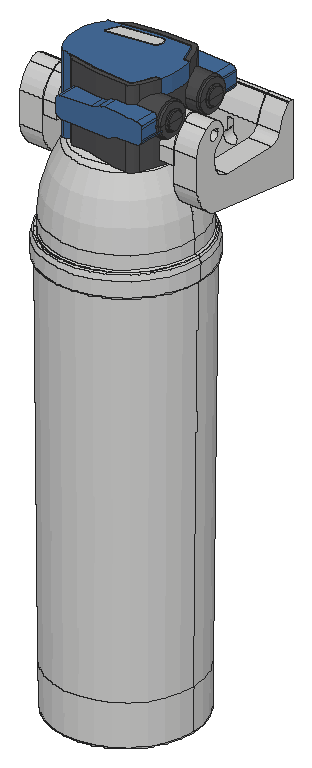
Revit family "DefaultType", category Specialty Equipment, Revit 2018 (continued)
Definition of nested family "QF_Vivreau_Wall Bracket_C300"
  Forms (in)
    Extrusion 4, void
      sketch origin (0, 0, 0) x (1, 0, 0) y (0, 0, 1)
        loop
          arc (1.43554, 51.32671) -> (1.53706, 50.93709) -> (1.64054, 51.3262) r 0.20818
          line (1.64054, 51.3262) -> (1.64054, 51.64984)
          arc (1.64054, 51.64984) -> (1.53804, 51.72491) -> (1.43554, 51.64984) r 0.10752
          line (1.43554, 51.64984) -> (1.43554, 51.32671)
        loop
          arc (3.85556, 51.32671) -> (3.95709, 50.93709) -> (4.06057, 51.3262) r 0.20818
          line (4.06057, 51.3262) -> (4.06057, 51.64984)
          arc (4.06057, 51.64984) -> (3.95806, 51.72491) -> (3.85556, 51.64984) r 0.10752
          line (3.85556, 51.64984) -> (3.85556, 51.32671)
      from 0 to 0.50028
    Extrusion 5, solid
      sketch origin (0, 0, 0) x (0, 1, 0) y (0, 0, 1)
        loop
          arc (-3.32952, 53.13938) -> (-3.60078, 52.86696) -> (-3.74609, 52.51104) r 0.97803
          line (-3.74609, 52.51104) -> (-3.74609, 52.07575) -> (-3.04993, 52.07575) -> (-3.04993, 52.3197)
          arc (-3.04993, 52.3197) -> (-3.01891, 52.41996) -> (-2.95631, 52.50421) r 0.31113
          arc (-2.95631, 52.50421) -> (-2.87354, 52.58614) -> (-2.79381, 52.67102) r 3.21432
          arc (-2.79381, 52.67102) -> (-2.73635, 52.77182) -> (-2.7179, 52.88637) r 0.32555
          arc (-2.7179, 52.88637) -> (-2.77627, 53.07911) -> (-2.92668, 53.21301) r 0.37126
          arc (-2.92668, 53.21301) -> (-3.14017, 53.24223) -> (-3.32952, 53.13938) r 0.34587
      from 0.71175 to 1.13945
    Extrusion 6, solid
      sketch origin (4.34798, 0, 0) x (0, 1, 0) y (0, 0, 1)
        loop
          arc (-3.32952, 53.13938) -> (-3.60078, 52.86696) -> (-3.74609, 52.51104) r 0.97803
          line (-3.74609, 52.51104) -> (-3.74609, 52.07575) -> (-3.04993, 52.07575) -> (-3.04993, 52.3197)
          arc (-3.04993, 52.3197) -> (-3.01891, 52.41996) -> (-2.95631, 52.50421) r 0.31113
          arc (-2.95631, 52.50421) -> (-2.87354, 52.58614) -> (-2.79381, 52.67102) r 3.21432
          arc (-2.79381, 52.67102) -> (-2.73635, 52.77182) -> (-2.7179, 52.88637) r 0.32555
          arc (-2.7179, 52.88637) -> (-2.77627, 53.07911) -> (-2.92668, 53.21301) r 0.37126
          arc (-2.92668, 53.21301) -> (-3.14017, 53.24223) -> (-3.32952, 53.13938) r 0.34587
      from 0 to 0.4277
    Extrusion 7, solid
      sketch origin (0, 0, 0) x (0, 1, 0) y (0, 0, 1)
        loop
          circle (-3.06236, 52.875) r 0.17302
      from 1.13945 to 1.35172
    Extrusion 8, solid
      sketch origin (2.86179, 0, 0) x (0, 1, 0) y (0, 0, 1)
        loop
          circle (-3.06236, 52.875) r 0.17302
      from 1.19877 to 1.48618
  Cuts and joins
    Extrusion 4 cuts Extrusion 3
  Lines and regions (in)
    symbolic lines
      curve 1: line (0, -3.23537, 52.875) -> (0, -2.88934, 52.875)
      curve 2: line (0.40405, -0.13295, 0) -> (0.40405, 0, 0)
      curve 3: line (0.40405, 0, 0) -> (5.08337, 0, 0)
      curve 4: line (5.08337, -0.13295, 0) -> (5.08337, 0, 0)
      curve 5: line (0.40405, -0.13295, 0) -> (5.08337, -0.13295, 0)
      curve 6: arc (0.40405, -0.13295, 0) -> (0.42218, -0.30656, 0) -> (0.44979, -0.47891, 0) r 3.18691
      curve 7: arc (0.44979, -0.47891, 0) -> (0.44265, -0.54927, 0) -> (0.42407, -0.6175, 0) r 0.42983
      curve 8: arc (0.42407, -0.6175, 0) -> (0.08893, -1.60757, 0) -> (0, -2.64903, 0) r 4.34392
      curve 9: arc (1.01852, -0.51986, 0) -> (0.66155, -1.5729, 0) -> (0.57957, -2.68176, 0) r 4.40598
      curve 10: line (0.39328, -2.68176, 0) -> (1.02034, -2.68176, 0)
      curve 11: line (1.02034, -2.68176, 0) -> (1.02034, -3.68176, 0)
      curve 12: arc (0.39328, -2.68176, 0) -> (0.27454, -2.7648, 0) -> (0.22894, -2.90232, 0) r 0.23018
      curve 13: arc (0.12248, -3.08148, 0) -> (0.15422, -3.06272, 0) -> (0.17635, -3.03322, 0) r 0.09432
      curve 14: arc (0.17635, -3.03322, 0) -> (0.20476, -2.96863, 0) -> (0.22894, -2.90232, 0) r 1.08965
      curve 15: arc (0.12248, -3.08148, 0) -> (0.0982, -3.08363, 0) -> (0.07385, -3.08469, 0) r 0.54642
      curve 16: arc (0.07385, -3.08469, 0) -> (0.04284, -3.05822, 0) -> (0.0293, -3.01977, 0) r 0.07844
      curve 17: arc (0.39328, -2.68176, 0) -> (0.44322, -2.69561, 0) -> (0.47889, -2.7332, 0) r 0.09696
      curve 18: arc (0.47889, -2.7332, 0) -> (0.51971, -2.80727, 0) -> (0.54276, -2.88864, 0) r 0.37227
      curve 19: arc (0.54276, -2.88864, 0) -> (0.55909, -3.03706, 0) -> (0.54276, -3.18547, 0) r 0.68254
      curve 20: arc (0.54276, -3.18547, 0) -> (0.46763, -3.39851, 0) -> (0.34409, -3.58761, 0) r 0.94478
      curve 21: arc (0.34409, -3.58761, 0) -> (0.29471, -3.65131, 0) -> (0.23677, -3.70733, 0) r 0.5646
      curve 22: arc (0.23677, -3.70733, 0) -> (0.20133, -3.72715, 0) -> (0.16121, -3.73335, 0) r 0.11449
      curve 23: arc (0.16121, -3.73335, 0) -> (0.12018, -3.73371, 0) -> (0.07926, -3.73682, 0) r 0.61075
      curve 24: arc (0.07926, -3.73682, 0) -> (0.02221, -3.70198, 0) -> (0, -3.63894, 0) r 0.09968
      curve 25: line (0, -3.63894, 0) -> (0, -2.64903, 0)
      curve 26: arc (0.0293, -3.01977, 0) -> (0.01004, -2.90893, 0) -> (0, -2.79687, 0) r 1.36079
      curve 27: arc (0.07926, -3.73682, 0) -> (0.21195, -3.74363, 0) -> (0.3448, -3.74609, 0) r 4.0609
      curve 28: arc (0.3448, -3.74609, 0) -> (0.65283, -3.73623, 0) -> (0.95923, -3.70313, 0) r 4.07828
      curve 29: arc (0.95923, -3.70313, 0) -> (0.99081, -3.69537, 0) -> (1.02034, -3.68176, 0) r 0.17058
      curve 30: arc (5.08337, -0.13295, 0) -> (5.06524, -0.30656, 0) -> (5.03763, -0.47891, 0) r 3.18691
      curve 31: arc (5.03763, -0.47891, 0) -> (5.04477, -0.54927, 0) -> (5.06335, -0.6175, 0) r 0.42983
      curve 32: arc (5.06335, -0.6175, 0) -> (5.39849, -1.60757, 0) -> (5.48742, -2.64903, 0) r 4.34392
      curve 33: arc (4.4689, -0.51986, 0) -> (4.82587, -1.5729, 0) -> (4.90785, -2.68176, 0) r 4.40598
      curve 34: line (5.09414, -2.68176, 0) -> (4.46708, -2.68176, 0)
      curve 35: line (4.46708, -2.68176, 0) -> (4.46708, -3.68176, 0)
      curve 36: arc (5.09414, -2.68176, 0) -> (5.21288, -2.7648, 0) -> (5.25848, -2.90232, 0) r 0.23018
      curve 37: arc (5.36494, -3.08148, 0) -> (5.3332, -3.06272, 0) -> (5.31108, -3.03322, 0) r 0.09432
      curve 38: arc (5.31108, -3.03322, 0) -> (5.28266, -2.96863, 0) -> (5.25848, -2.90232, 0) r 1.08965
      curve 39: arc (5.36494, -3.08148, 0) -> (5.38922, -3.08363, 0) -> (5.41358, -3.08469, 0) r 0.54642
      curve 40: arc (5.41358, -3.08469, 0) -> (5.44458, -3.05822, 0) -> (5.45812, -3.01977, 0) r 0.07844
      curve 41: arc (5.09414, -2.68176, 0) -> (5.0442, -2.69561, 0) -> (5.00853, -2.7332, 0) r 0.09696
      curve 42: arc (5.00853, -2.7332, 0) -> (4.96771, -2.80727, 0) -> (4.94466, -2.88864, 0) r 0.37227
      curve 43: arc (4.94466, -2.88864, 0) -> (4.92833, -3.03706, 0) -> (4.94466, -3.18547, 0) r 0.68254
      curve 44: arc (4.94466, -3.18547, 0) -> (5.01979, -3.39851, 0) -> (5.14334, -3.58761, 0) r 0.94478
      curve 45: arc (5.14334, -3.58761, 0) -> (5.19271, -3.65131, 0) -> (5.25065, -3.70733, 0) r 0.5646
      curve 46: arc (5.25065, -3.70733, 0) -> (5.28609, -3.72715, 0) -> (5.32621, -3.73335, 0) r 0.11449
      curve 47: arc (5.32621, -3.73335, 0) -> (5.36725, -3.73371, 0) -> (5.40816, -3.73682, 0) r 0.61075
      curve 48: arc (5.40816, -3.73682, 0) -> (5.46521, -3.70198, 0) -> (5.48742, -3.63894, 0) r 0.09968
      curve 49: line (5.48742, -3.63894, 0) -> (5.48742, -2.64903, 0)
      curve 50: arc (5.45812, -3.01977, 0) -> (5.47738, -2.90893, 0) -> (5.48742, -2.79687, 0) r 1.36079
      curve 51: arc (5.40816, -3.73682, 0) -> (5.27547, -3.74363, 0) -> (5.14262, -3.74609, 0) r 4.0609
      curve 52: arc (5.14262, -3.74609, 0) -> (4.8346, -3.73623, 0) -> (4.52819, -3.70313, 0) r 4.07828
      curve 53: arc (4.52819, -3.70313, 0) -> (4.49661, -3.69537, 0) -> (4.46708, -3.68176, 0) r 0.17058
      curve 54: line (1.1815, -2.88934, 0) -> (1.02034, -2.88934, 0)
      curve 55: line (1.1815, -2.88934, 0) -> (1.1815, -3.23537, 0)
      curve 56: line (1.1815, -3.23537, 0) -> (1.02034, -3.23537, 0)
      curve 57: line (4.17639, -2.88934, 0) -> (4.46708, -2.88934, 0)
      curve 58: line (4.17639, -2.88934, 0) -> (4.17639, -3.23537, 0)
      curve 59: line (4.17639, -3.23537, 0) -> (4.46708, -3.23537, 0)
      curve 60: line (1.01852, -0.51986, 0) -> (4.4689, -0.51986, 0)
      curve 61: line (0, 0, 0) -> (5.48742, 0, 0)
  Dimensions and locks (in)
    "Depth": plane 4 "FRONT" to plane 1 "BACK"
    equal spacing: plane 4 "FRONT", plane 5 "Center (Front/Back)", plane 1 "BACK"
    locked: plane 3 "LEFT" to plane 7 "RIGHT" at 5.48742
    equal spacing: plane 3 "LEFT", plane 8 "Center (Left/Right)", plane 7 "RIGHT"
    plane 10 "Center F/D" to plane 9 "Center F/C" to plane 11 "Center F/E" to plane 12 "Center F/F" to plane 6 "Center (Bottom/Top)" to plane 14 "Center F/L" = 0' - 0.36597" locked, 0' - 0.36396" locked, 0' - 0.94337" locked, 0' - 1.25532" locked, 1' - 2.31235" locked
    locked: plane 13 "Center F/I" to plane 10 "Center F/D" at 0.16528
    "Mounting Height": plane 14 "Center F/L" to plane 2 "REF. LAYER"
    aligned and locked: level to plane 2 "REF. LAYER"
    aligned and locked: plane 11 "Center F/E" to Extrusion 1 sketch curve
    aligned and locked: plane 1 "BACK" to Extrusion 1 sketch curve
    aligned and locked: plane 12 "Center F/F" to Extrusion 1 sketch curve
    aligned and locked: Extrusion 1 sketch curve to plane 12 "Center F/F"
    aligned and locked: plane 4 "FRONT" to Extrusion 1 sketch curve
    aligned and locked: plane 3 "LEFT" to curve 61
    aligned and locked: plane 7 "RIGHT" to curve 61
    aligned and locked: curve 61 to plane 2 "REF. LAYER"
    aligned and locked: Extrusion 5 to Extrusion 1
    aligned and locked: Extrusion 6 to Extrusion 2
  Automatic sketch dimensions
    curve 1 to plane 9 "Center F/C" = 0' - 0"
    curve 1 to plane 4 "FRONT" = 0' - 0.51072"
    curve 1 to curve 1 = 0' - 0.34603"
    Extrusion 1 sketch curve to plane 9 "Center F/C" = 0' - 0"
    Extrusion 1 sketch curve to plane 6 "Center (Bottom/Top)" = 0' - 0"
    Extrusion 1 sketch curve to plane 12 "Center F/F" = 0' - 0"
    Extrusion 1 sketch curve to plane 11 "Center F/E" = 0' - 0"
    plane 4 "FRONT" to Extrusion 1 sketch curve = 0' - 1.42987"
    plane 9 "Center F/C" to Extrusion 1 sketch curve = 0' - 0.00416"
    Extrusion 1 sketch curve to plane 4 "FRONT" = 0' - 0.657"
    Extrusion 1 sketch curve to Extrusion 1 sketch curve = 0' - 0.01111"
    Extrusion 1 sketch curve to Extrusion 1 sketch curve = 0' - 0.02674"
    Extrusion 1 sketch curve to plane 11 "Center F/E" = 0' - 0.19134"
    Extrusion 1 sketch curve to Extrusion 1 sketch curve = 0' - 0.01242"
    plane 6 "Center (Bottom/Top)" to Extrusion 1 sketch curve = 0' - 0.39563"
    Extrusion 1 sketch curve to plane 4 "FRONT" = 0' - 0.69616"
    Extrusion 1 sketch curve to Extrusion 1 sketch curve = 0' - 0.01897"
    Extrusion 1 sketch curve to Extrusion 1 sketch curve = 0' - 0.26431"
    Extrusion 1 sketch curve to Extrusion 1 sketch curve = 0' - 0.04417"
    plane 12 "Center F/F" to Extrusion 1 sketch curve = 0' - 0.12897"
    Extrusion 1 sketch curve to Extrusion 1 sketch curve = 0' - 0.1996"
    plane 1 "BACK" to Extrusion 1 sketch curve = 0' - 0.82448"
    Extrusion 1 sketch curve to Extrusion 1 sketch curve = 0' - 0.01126"
    plane 1 "BACK" to Extrusion 1 sketch curve = 0' - 0.13295"
    Extrusion 1 sketch curve to Extrusion 1 sketch curve = 0' - 0.01033"
    Extrusion 1 sketch curve to plane 12 "Center F/F" = 0' - 0.24956"
    Extrusion 1 sketch curve to plane 1 "BACK" = 0' - 1.35693"
    plane 12 "Center F/F" to Extrusion 1 sketch curve = 0' - 0.33547"
    Extrusion 1 sketch curve to plane 11 "Center F/E" = 0' - 0.23186"
    Extrusion 1 sketch curve to Extrusion 1 sketch curve = 0' - 0.04736"
    Extrusion 1 sketch curve to plane 11 "Center F/E" = 0' - 0.05594"
    plane 9 "Center F/C" to Extrusion 1 sketch curve = 0' - 0.00505"
    Extrusion 1 sketch curve to Extrusion 1 sketch curve = 0' - 0.02283"
    Extrusion 1 sketch curve to plane 10 "Center F/D" = 0' - 0.10159"
    Extrusion 1 sketch curve to Extrusion 1 sketch curve = 0' - 0"  (x3)
    plane 11 "Center F/E" to Extrusion 1 sketch curve = 0' - 0.15998"
    Extrusion 2 sketch curve to plane 4 "FRONT" = 0' - 0"
    Extrusion 2 sketch curve to plane 9 "Center F/C" = 0' - 0"
    Extrusion 2 sketch curve to plane 12 "Center F/F" = 0' - 0"  (x2)
    Extrusion 2 sketch curve to plane 11 "Center F/E" = 0' - 0"  (x2)
    Extrusion 2 sketch curve to plane 1 "BACK" = 0' - 0"
    Extrusion 2 sketch curve to plane 6 "Center (Bottom/Top)" = 0' - 0"
    plane 4 "FRONT" to Extrusion 2 sketch curve = 0' - 1.42987"
    plane 9 "Center F/C" to Extrusion 2 sketch curve = 0' - 0.00416"
    Extrusion 2 sketch curve to plane 4 "FRONT" = 0' - 0.657"
    Extrusion 2 sketch curve to Extrusion 2 sketch curve = 0' - 0.01111"
    Extrusion 2 sketch curve to Extrusion 2 sketch curve = 0' - 0.02674"
    Extrusion 2 sketch curve to plane 11 "Center F/E" = 0' - 0.19134"
    Extrusion 2 sketch curve to Extrusion 2 sketch curve = 0' - 0.01242"
    plane 6 "Center (Bottom/Top)" to Extrusion 2 sketch curve = 0' - 0.39563"
    Extrusion 2 sketch curve to plane 4 "FRONT" = 0' - 0.69616"
    Extrusion 2 sketch curve to Extrusion 2 sketch curve = 0' - 0.01897"
    Extrusion 2 sketch curve to Extrusion 2 sketch curve = 0' - 0.26431"
    Extrusion 2 sketch curve to Extrusion 2 sketch curve = 0' - 0.04417"
    plane 12 "Center F/F" to Extrusion 2 sketch curve = 0' - 0.12897"
    Extrusion 2 sketch curve to Extrusion 2 sketch curve = 0' - 0.1996"
    plane 1 "BACK" to Extrusion 2 sketch curve = 0' - 0.82448"
    Extrusion 2 sketch curve to Extrusion 2 sketch curve = 0' - 0.01126"
    plane 1 "BACK" to Extrusion 2 sketch curve = 0' - 0.13295"
    Extrusion 2 sketch curve to Extrusion 2 sketch curve = 0' - 0.01033"
    Extrusion 2 sketch curve to plane 12 "Center F/F" = 0' - 0.24956"
    Extrusion 2 sketch curve to plane 1 "BACK" = 0' - 1.35693"
    plane 12 "Center F/F" to Extrusion 2 sketch curve = 0' - 0.33547"
    Extrusion 2 sketch curve to plane 11 "Center F/E" = 0' - 0.23186"
    Extrusion 2 sketch curve to Extrusion 2 sketch curve = 0' - 0.04736"
    Extrusion 2 sketch curve to plane 11 "Center F/E" = 0' - 0.05594"
    plane 9 "Center F/C" to Extrusion 2 sketch curve = 0' - 0.00505"
    Extrusion 2 sketch curve to Extrusion 2 sketch curve = 0' - 0.02283"
    Extrusion 2 sketch curve to plane 10 "Center F/D" = 0' - 0.10159"
    Extrusion 2 sketch curve to Extrusion 2 sketch curve = 0' - 0"  (x3)
    plane 11 "Center F/E" to Extrusion 2 sketch curve = 0' - 0.15998"
    Extrusion 3 sketch curve to plane 11 "Center F/E" = 0' - 0"
    Extrusion 3 sketch curve to plane 1 "BACK" = 0' - 0"
    Extrusion 3 sketch curve to plane 6 "Center (Bottom/Top)" = 0' - 0"
    Extrusion 3 sketch curve to plane 11 "Center F/E" = 0' - 0.05594"
    plane 1 "BACK" to Extrusion 3 sketch curve = 0' - 0.12262"
    Extrusion 3 sketch curve to Extrusion 3 sketch curve = 0' - 0.01033"
    plane 6 "Center (Bottom/Top)" to Extrusion 3 sketch curve = 0' - 0.0649"
    plane 1 "BACK" to Extrusion 3 sketch curve = 0' - 0.50028"
    Extrusion 3 sketch curve to plane 12 "Center F/F" = 0' - 0.24956"
    Extrusion 3 sketch curve to plane 1 "BACK" = 0' - 1.35693"
    plane 12 "Center F/F" to Extrusion 3 sketch curve = 0' - 0.24852"
    plane 12 "Center F/F" to Extrusion 4 sketch curve = 0' - 0.08217"  (x2)
    Extrusion 4 sketch curve to plane 8 "Center (Left/Right)" = 0' - 1.30818"
    Extrusion 4 sketch curve to Extrusion 4 sketch curve = 0' - 0.10205"  (x2)
    plane 12 "Center F/F" to Extrusion 4 sketch curve = 0' - 0.04972"  (x2)
    Extrusion 4 sketch curve to Extrusion 4 sketch curve = 0' - 0.1025"  (x2)
    Extrusion 4 sketch curve to Extrusion 4 sketch curve = 0' - 0.205"  (x2)
    Extrusion 4 sketch curve to plane 12 "Center F/F" = 0' - 0.24096"
    plane 8 "Center (Left/Right)" to Extrusion 4 sketch curve = 0' - 1.11185"
    Extrusion 4 sketch curve to plane 12 "Center F/F" = 0' - 0.24147"
    Extrusion 4 sketch curve to Extrusion 4 sketch curve = 0' - 0.00051"
    Extrusion 4 sketch curve to Extrusion 4 sketch curve = 0' - 0.18093"
    Extrusion 5 sketch curve to plane 4 "FRONT" = 0' - 0"
    Extrusion 5 sketch curve to plane 11 "Center F/E" = 0' - 0"
    plane 4 "FRONT" to Extrusion 5 sketch curve = 0' - 1.42987"
    plane 9 "Center F/C" to Extrusion 5 sketch curve = 0' - 0.00416"
    Extrusion 5 sketch curve to plane 4 "FRONT" = 0' - 0.657"
    Extrusion 5 sketch curve to Extrusion 5 sketch curve = 0' - 0.01111"
    Extrusion 5 sketch curve to plane 4 "FRONT" = 0' - 0.69616"
    Extrusion 5 sketch curve to Extrusion 5 sketch curve = 0' - 0.0346"
    Extrusion 5 sketch curve to Extrusion 5 sketch curve = 0' - 0.26431"
    Extrusion 5 sketch curve to Extrusion 5 sketch curve = 0' - 0.04417"
    Extrusion 5 sketch curve to plane 11 "Center F/E" = 0' - 0.1845"
    Extrusion 5 sketch curve to plane 11 "Center F/E" = 0' - 0.19134"
    Extrusion 5 sketch curve to Extrusion 5 sketch curve = 0' - 0.04736"
    Extrusion 5 sketch curve to Extrusion 5 sketch curve = 0' - 0.43529"
    plane 9 "Center F/C" to Extrusion 5 sketch curve = 0' - 0.00505"
    Extrusion 5 sketch curve to Extrusion 5 sketch curve = 0' - 0.02283"
    Extrusion 5 sketch curve to plane 10 "Center F/D" = 0' - 0.10159"
    Extrusion 5 sketch curve to Extrusion 5 sketch curve = 0' - 0"  (x2)
    plane 11 "Center F/E" to Extrusion 5 sketch curve = 0' - 0.15998"
    Extrusion 6 sketch curve to plane 4 "FRONT" = 0' - 0"
    Extrusion 6 sketch curve to plane 11 "Center F/E" = 0' - 0"
    plane 4 "FRONT" to Extrusion 6 sketch curve = 0' - 1.42987"
    plane 9 "Center F/C" to Extrusion 6 sketch curve = 0' - 0.00416"
    Extrusion 6 sketch curve to plane 4 "FRONT" = 0' - 0.657"
    Extrusion 6 sketch curve to Extrusion 6 sketch curve = 0' - 0.01111"
    Extrusion 6 sketch curve to plane 4 "FRONT" = 0' - 0.69616"
    Extrusion 6 sketch curve to Extrusion 6 sketch curve = 0' - 0.0346"
    Extrusion 6 sketch curve to Extrusion 6 sketch curve = 0' - 0.26431"
    Extrusion 6 sketch curve to Extrusion 6 sketch curve = 0' - 0.04417"
    Extrusion 6 sketch curve to plane 11 "Center F/E" = 0' - 0.1845"
    Extrusion 6 sketch curve to plane 11 "Center F/E" = 0' - 0.19134"
    Extrusion 6 sketch curve to Extrusion 6 sketch curve = 0' - 0.04736"
    Extrusion 6 sketch curve to Extrusion 6 sketch curve = 0' - 0.43529"
    plane 9 "Center F/C" to Extrusion 6 sketch curve = 0' - 0.00505"
    Extrusion 6 sketch curve to Extrusion 6 sketch curve = 0' - 0.02283"
    Extrusion 6 sketch curve to plane 10 "Center F/D" = 0' - 0.10159"
    Extrusion 6 sketch curve to Extrusion 6 sketch curve = 0' - 0"  (x2)
    plane 11 "Center F/E" to Extrusion 6 sketch curve = 0' - 0.15998"
    Extrusion 7 sketch curve to plane 9 "Center F/C" = 0' - 0"
    Extrusion 7 sketch curve to plane 4 "FRONT" = 0' - 0.68374"
    Extrusion 8 sketch curve to plane 9 "Center F/C" = 0' - 0"
    Extrusion 8 sketch curve to plane 4 "FRONT" = 0' - 0.68374"
    curve 26 to plane 3 "LEFT" = 0' - 0"
    plane 4 "FRONT" to curve 27 = 0' - 0"
    plane 1 "BACK" to curve 2 = 0' - 0"
    plane 4 "FRONT" to curve 51 = 0' - 0"
    curve 48 to plane 7 "RIGHT" = 0' - 0"
    curve 19 to plane 3 "LEFT" = 0' - 0.12345"
    curve 21 to plane 3 "LEFT" = 0' - 0.12571"
    curve 20 to curve 19 = 0' - 0.25597"
    curve 14 to curve 20 = 0' - 0.42691"
    plane 3 "LEFT" to curve 7 = 0' - 0.02004"
    plane 3 "LEFT" to curve 15 = 0' - 0.06218"
    plane 3 "LEFT" to curve 13 = 0' - 0.09129"
    plane 3 "LEFT" to curve 24 = 0' - 0.09968"
    curve 13 to curve 16 = 0' - 0.01623"
    plane 3 "LEFT" to curve 23 = 0' - 0.146"
    curve 24 to curve 22 = 0' - 0.06438"
    curve 16 to curve 18 = 0' - 0.06786"
    plane 3 "LEFT" to curve 27 = 0' - 0.35368"
    curve 27 to curve 28 = 0' - 0.01466"
    curve 18 to curve 10 = 0' - 0.2179"
    plane 1 "BACK" to curve 5 = 0' - 0.13295"
    plane 3 "LEFT" to curve 5 = 0' - 0.40405"
    curve 17 to curve 12 = 0' - 0.06584"
    curve 12 to curve 33 = 0' - 0.11471"
    curve 29 to plane 4 "FRONT" = 0' - 0.21174"
    curve 22 to curve 29 = 0' - 0.77045"
    curve 33 to curve 11 = 0' - 0.51235"
    curve 10 to curve 32 = 0' - 0.12589"
    curve 32 to curve 26 = 0' - 0.213"
    curve 54 to curve 26 = 0' - 0.17773"
    curve 30 to plane 1 "BACK" = 0' - 0.11117"
    curve 30 to plane 8 "Center (Left/Right)" = 0' - 0.83788"
    curve 6 to plane 1 "BACK" = 0' - 0.11117"
    plane 8 "Center (Left/Right)" to curve 6 = 0' - 0.83788"
    curve 50 to plane 7 "RIGHT" = 0' - 1.35923"
    curve 50 to curve 57 = 0' - 0.0482"
    curve 50 to curve 8 = 0' - 0.213"
    curve 8 to curve 34 = 0' - 0.12589"
    curve 35 to curve 53 = 0' - 0.08583"
    curve 9 to plane 7 "RIGHT" = 0' - 0.50799"
    curve 9 to curve 36 = 0' - 0.04887"
    curve 5 to plane 7 "RIGHT" = 0' - 0.40405"
    curve 36 to curve 34 = 0' - 0.06584"
    curve 3 to curve 52 = 0' - 0.03571"
    curve 52 to curve 51 = 0' - 0.01466"
    curve 42 to plane 7 "RIGHT" = 0' - 0.17538"
    curve 46 to plane 7 "RIGHT" = 0' - 0 21/128"
    curve 47 to plane 7 "RIGHT" = 0' - 0.146"
    curve 42 to curve 40 = 0' - 0.06786"
    curve 46 to curve 48 = 0' - 0.06438"
    curve 40 to curve 37 = 0' - 0.01623"
    curve 39 to plane 7 "RIGHT" = 0' - 0.06218"
    curve 31 to plane 7 "RIGHT" = 0' - 0.02004"
    plane 7 "RIGHT" to curve 43 = 0' - 0.12345"
    plane 7 "RIGHT" to curve 45 = 0' - 0.12571"
    curve 43 to curve 44 = 0' - 0.25597"
    curve 44 to curve 38 = 0' - 0.42691"
    plane 4 "FRONT" to curve 47 = 0' - 0.59782"
    plane 4 "FRONT" to curve 23 = 0' - 0.59782"
    curve 11 to plane 4 "FRONT" = 0' - 0.06433"
    curve 35 to plane 4 "FRONT" = 0' - 0.06433"
    curve 52 to curve 48 = 0' - 0.10684"
    curve 28 to curve 24 = 0' - 0.10684"
    curve 24 to curve 25 = 0' - 0.00031"
    curve 48 to curve 49 = 0' - 0.00031"
    curve 48 to curve 46 = 0' - 0.02035"
    curve 24 to curve 22 = 0' - 0.02035"
    curve 35 to curve 53 = 0' - 0.14741"
    curve 25 to curve 21 = 0' - 0.36448"
    curve 49 to curve 45 = 0' - 0.36448"
    curve 56 to plane 4 "FRONT" = 0' - 0.51072"
    curve 53 to curve 58 = 0' - 0.29898"
    curve 21 to curve 19 = 0' - 0.23741"
    curve 45 to curve 43 = 0' - 0.23741"
    curve 19 to curve 16 = 0' - 0.02321"
    curve 43 to curve 40 = 0' - 0.02321"
    curve 16 to curve 13 = 0' - 0.02138"
    curve 40 to curve 37 = 0' - 0.02138"
    curve 19 to curve 20 = 0' - 0.05702"
    curve 43 to curve 44 = 0' - 0.05702"
    curve 40 to curve 42 = 0' - 0.06509"
    curve 16 to curve 18 = 0' - 0.06509"
    curve 18 to curve 12 = 0' - 0.04643"
    curve 42 to curve 36 = 0' - 0.04643"
    curve 58 to curve 57 = 0' - 0.34603"
    curve 55 to curve 54 = 0' - 0.34603"
    curve 36 to curve 41 = 0' - 0.12361"
    curve 12 to curve 17 = 0' - 0.12361"
    curve 57 to curve 50 = 0' - 0.15777"
    curve 54 to curve 26 = 0' - 0.15777"
    curve 54 to curve 11 = 0' - 0.20758"
    curve 57 to curve 34 = 0' - 0.20758"
    curve 12 to curve 25 = 0' - 0.25329"
    curve 36 to curve 49 = 0' - 0.25329"
    curve 20 to curve 14 = 0' - 0.41766"
    curve 44 to curve 38 = 0' - 0.41766"
    curve 8 to curve 15 = 0' - 0.11064"
    curve 32 to curve 39 = 0' - 0.11064"
    curve 34 to curve 8 = 0' - 0.18655"
    curve 10 to curve 32 = 0' - 0.18655"
    curve 9 to curve 33 = 0' - 0.23217"
    curve 33 to curve 9 = 0' - 0.23217"
    plane 1 "BACK" to curve 31 = 0' - 0.47084"
    plane 1 "BACK" to curve 7 = 0' - 0.47084"
    curve 51 to plane 1 "BACK" = 0' - 0.31479"
    curve 27 to plane 1 "BACK" = 0' - 0.31479"
    curve 51 to curve 52 = 0' - 0.01732"
    curve 27 to curve 28 = 0' - 0.01732"
    plane 3 "LEFT" to curve 26 = 0' - 0.0293"
    plane 3 "LEFT" to curve 16 = 0' - 0.07385"
    curve 27 to curve 24 = 0' - 0.02042"
    curve 16 to curve 13 = 0' - 0.04863"
    curve 22 to curve 23 = 0' - 0"
    curve 13 to curve 14 = 0' - 0"
    curve 21 to plane 4 "FRONT" = 0' - 0.03876"
    curve 20 to plane 4 "FRONT" = 0' - 0.15848"
    plane 3 "LEFT" to curve 8 = 0' - 0.42407"
    curve 17 to curve 17 = 0' - 0.08561"
    curve 19 to curve 20 = 0' - 0"
    curve 18 to curve 9 = 0' - 0.10068"
    plane 1 "BACK" to curve 9 = 0' - 0.51986"
    curve 52 to curve 53 = 0' - 0"
    curve 33 to curve 36 = 0' - 0.18629"
    curve 42 to curve 36 = 0' - 0.08364"
    curve 43 to curve 36 = 0' - 0.08364"
    curve 44 to curve 43 = 0' - 0"
    curve 31 to curve 4 = 0' - 0.04574"
    curve 45 to plane 4 "FRONT" = 0' - 0.15848"
    curve 46 to plane 4 "FRONT" = 0' - 0.03876"
    curve 37 to curve 38 = 0' - 0"
    curve 37 to curve 40 = 0' - 0.01496"
    curve 39 to curve 39 = 0' - 0.04863"
    curve 50 to plane 7 "RIGHT" = 0' - 0.0293"
    plane 10 "Center F/D" to Extrusion 1 sketch curve = 0' - 1.5881"
    plane 10 "Center F/D" to Extrusion 2 sketch curve = 0' - 1.5881"
    plane 10 "Center F/D" to Extrusion 5 sketch curve = 0' - 1.5881"
    plane 10 "Center F/D" to Extrusion 6 sketch curve = 0' - 1.5881"
    radius of Extrusion 1 sketch curve = 0' - 0.17302"
    radius of Extrusion 2 sketch curve = 0' - 0.17302"
    radius of Extrusion 7 sketch curve = 0' - 0.17302"
    radius of Extrusion 8 sketch curve = 0' - 0.17302"
